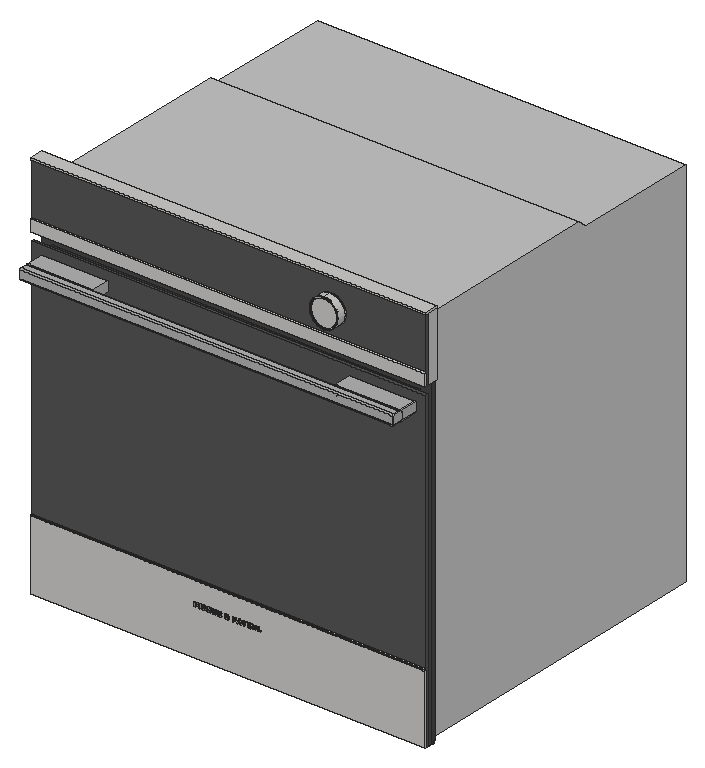
Revit family "FP_Revit_18_OB60SDPTDX1_Oven_90000945A", category Specialty Equipment, Revit 2018
Family settings
  Round Connector Dimension = Use Diameter
  Part Type = Normal
  OmniClass Number = 23.40.40.14.17.11
  OmniClass Title = Cookers, Ovens, Stoves
  Work Plane-Based = No
  Always vertical = Yes
  Cut with Voids When Loaded = Yes
  Shared = No
  Room Calculation Point = No
Parameters
  Visibility - Clearance Required = yes
  URL = "www.fisherpaykel.com"
  Product - Width = 596 mm  # constant formula
  Product - Height = 598 mm  # constant formula
  Product - Depth = 565 mm  # constant formula
  Model = "OB60SDPTDX1"
  Material - Trim = Fisher & Paykel - Stainless Steel
  Material - Structure = Fisher & Paykel - Black
  Material - Handle = Fisher & Paykel - Aluminium
  Material - Glass = Fisher & Paykel - Glass, Black
  Material - Buttons and Dials = Fisher & Paykel - Stainless Steel
  Material - Body = Fisher & Paykel - Grey
  Manufacturer = "Fisher & Paykel Appliances"
  FFL Offset [instance] = 200 mm
  Description = "60cm Built-In Oven"
  Connector Note - Electrical = "230 V, 18.5 A"
  Chassis - Width = 556 mm  # constant formula
  Chassis - Height = 575 mm  # constant formula
  Chassis - Depth = 545 mm  # constant formula
  Cavity - Width = 600 mm  # constant formula
  Cavity - Height = 600 mm  # constant formula
  Cavity - Depth = 550 mm  # constant formula
Reference planes
  plane 1 "Datum": y = 0
  plane 2: z = 0
  plane 3 "Center (Left/Right)": x = 0
  plane 4 "Cavity": z = 780
  plane 5 "Product Height": z = 798
  plane 6 "Product LHS": x = -298
  plane 7 "Product RHS": x = 298
  plane 8 "Cavity LHS": x = -300
  plane 9 "Cavity RHS": x = 300
  plane 10 "Cavity - Depth": y = 550
  plane 11 "Product Depth": y = 545
  plane 12 "Front Face": y = -20
  plane 13 "Dial": x = 154.861
  plane 14 "FFL Offset": z = 200
  plane 15 "Cavity Height": z = 800
Forms (mm)
  Extrusion 1, solid, material "Fisher & Paykel - Grey" <- "Material - Body"
    sketch origin (0, 0, 0) x (0, 1, 0) y (0, 0, 1)
      loop
        line (0, 200) -> (525, 200) -> (525, 393.99) -> (545, 413.99) -> (545, 609.73) -> (495, 659.73) -> (495, 764.6) -> (307.721, 764.6) -> (293.958, 775) -> (0, 775) -> (0, 200)
    from -278 to 278
  Extrusion 2, void
    sketch origin (0, 0, 0) x (1, 0, 0) y (0, 1, 0)
      loop
        line (-278, 495) -> (-229.13, 495) -> (-179.13, 545) -> (-278, 545) -> (-278, 495)
      loop
        line (278, 495) -> (278, 545) -> (94.617, 545) -> (114.617, 525) -> (199.13, 525) -> (229.13, 495) -> (278, 495)
    from 200 to 764.6
  Extrusion 3, solid, material "Fisher & Paykel - Stainless Steel" <- "Material - Trim"
    sketch origin (0, 0, 0) x (0, 1, 0) y (0, 0, 1)
      loop
        line (0, 798) -> (-20.5, 798) -> (-20.5, 795.1) -> (0, 795.1) -> (0, 798)
    from -298 to 298
  Extrusion 4, solid, material "Fisher & Paykel - Grey" <- "Material - Body"
    sketch origin (0, 0, 0) x (0, 1, 0) y (0, 0, 1)
      loop
        line (-16, 795.1) -> (-16, 698) -> (0, 698) -> (0, 795.1) -> (-16, 795.1)
    from -298 to 298
  Extrusion 5, solid, material "Fisher & Paykel - Glass, Black" <- "Material - Glass"
    sketch origin (0, 0, 0) x (1, 0, 0) y (0, 0, 1)
      loop
        line (-298, 685.2) -> (-298, 208.6) -> (298, 208.6) -> (298, 685.2) -> (-298, 685.2)
      loop
        line (-298, 698) -> (298, 698) -> (298, 794.5) -> (-298, 794.5) -> (-298, 698)
    from 16 to 20
  Extrusion 6, solid, material "Fisher & Paykel - Black" <- "Material - Structure"
    sketch origin (0, 0, 0) x (0, 1, 0) y (0, 0, 1)
      loop
        line (-13.8, 683.7) -> (-16, 683.7) -> (-16, 224.7) -> (-5, 224.7) -> (-5, 680.497) -> (-13.8, 683.7)
    from -277 to 277
  Extrusion 7, solid, material "Fisher & Paykel - Black" <- "Material - Structure"
    sketch origin (0, 0, 0) x (1, 0, 0) y (0, 0, 1)
      loop
        line (-295, 698) -> (-295, 209.536)
        arc (-295, 209.536) -> (-292.207, 202.793) -> (-285.464, 200) r 9.536
        line (-285.464, 200) -> (285.5, 200)
        arc (285.5, 200) -> (292.218, 202.782) -> (295, 209.5) r 9.5
        line (295, 209.5) -> (295, 698) -> (-295, 698)
    from 0 to 5
  Sweep 8, solid, material "Fisher & Paykel - Black"
    path origin (-195.035, 0, 0) x (0, 1, 0) y (0, 0, 1)
      loop
        line (478.272, 708.8) -> (498.6, 708.8)
        arc (498.6, 708.8) -> (507.085, 705.285) -> (510.6, 696.8) r 12
        line (510.6, 696.8) -> (510.6, 678.8)
    profile origin (-195.035, 488.436, 708.8) x (0, 0, 1) y (1, 0, 0)
      loop
        line (0, 11) -> (-11, 11) -> (-11, -11) -> (0, -11)
        arc (0, -11) -> (11, 0) -> (0, 11) r 11
  Extrusion 9, solid, material "Fisher & Paykel - Clearance Required", visible <- "Visibility - Clearance Required", detail levels coarse
    sketch origin (0, 0, 0) x (0, 1, 0) y (0, 0, 1)
      loop
        line (-21.6, 227.528) -> (-21.6, 200) -> (0, 200) -> (0, 800) -> (-21.6, 800) -> (-21.6, 685.18)
        arc (-21.6, 685.18) -> (-333.147, 559.899) -> (-479.9, 257.872) r 466.605
        line (-479.9, 257.872) -> (-465.169, 256.897) -> (-467.944, 214.989) -> (-455.498, 214.164) -> (-452.723, 256.073) -> (-21.6, 227.528)
    from -300 to 300
  Extrusion 10, solid, material "Fisher & Paykel - Clearance Required", visible <- "Visibility - Clearance Required", detail levels coarse
    sketch origin (0, 0, 0) x (1, 0, 0) y (0, 1, 0)
      loop
        line (-280, 0) -> (280, 0) -> (280, 550) -> (-280, 550) -> (-280, 0)
    from 200 to 780
  Extrusion 11, void
    sketch origin (0, 0, 0) x (1, 0, 0) y (0, 1, 0)
      loop
        line (-300, -21.6) -> (300, -21.6) -> (300, 0) -> (-300, 0) -> (-300, -21.6)
    from 200 to 800
  Extrusion 12, solid, material "Fisher & Paykel - Stainless Steel" <- "Material - Trim", detail levels medium+fine
    sketch origin (0, -2000, 0) x (0, 1, 0) y (0, 0, 1)
      loop
        line (1980, 316.326) -> (1978.666, 314.661)
        arc (1978.666, 314.661) -> (1978.468, 314.306) -> (1978.4, 313.905) r 1.209
        line (1978.4, 313.905) -> (1978.4, 208.6) -> (1980, 208.6) -> (1980, 316.326)
    from -298 to 298
  Extrusion 13, solid, material "Fisher & Paykel - Stainless Steel" <- "Material - Trim", detail levels fine
    sketch origin (0, 0, 0) x (0, 1, 0) y (0, 0, 1)
      loop
        line (-21.7, 715.525) -> (-21.7, 698) -> (-20, 698) -> (-20, 717.528) -> (-21.7, 715.525)
    from -298 to 298
  Extrusion 14, void
    sketch origin (0, 0, 0) x (1, 0, 0) y (0, 1, 0)
      loop
        line (-280, 550) -> (-280, 0) -> (280, 0) -> (280, 550) -> (-280, 550)
    from 200 to 780
Cuts and joins
  Extrusion 2 cuts Extrusion 1
Lines and regions (mm)
  model lines, style "Fisher & Paykel"
    curve 1: line (217.5, -20, 334.2) -> (-217.5, -20, 334.2)
    curve 2: line (217.5, -20, 617.436) -> (217.5, -20, 334.2)
    curve 3: line (-217.5, -20, 617.436) -> (217.5, -20, 617.436)
    curve 4: line (-217.5, -20, 334.2) -> (-217.5, -20, 617.436)
Text (mm)
  text "Disclaimer:\nWe endeavor to maintain the accuracy of our 3D content.\nHowever, product details are subject to change without notice.\nPlease refer to the product Data Sheets for the most current product information." at (41.04, -568.295, 0), in view "Ref. Level (Plan)"
Dimensions and locks
  equal spacing: plane 6 "Product LHS", plane 3 "Center (Left/Right)", plane 7 "Product RHS"
  "Product - Width": plane 6 "Product LHS" to plane 7 "Product RHS"
  equal spacing: plane 8 "Cavity LHS", plane 3 "Center (Left/Right)", plane 9 "Cavity RHS"
  "Cavity - Width": plane 8 "Cavity LHS" to plane 9 "Cavity RHS"
  "Cavity - Depth": plane 10 "Cavity - Depth" to plane 1 "Datum"
  "Chassis - Depth": plane 11 "Product Depth" to plane 1 "Datum"
  plane 12 "Front Face" to plane 1 "Datum" = 20 mm
  "Product - Depth": plane 11 "Product Depth" to plane 12 "Front Face"
  "Chassis - Width": cut or joined group of Extrusion 1, Extrusion 2 to cut or joined group of Extrusion 1, Extrusion 2
  "FFL Offset": plane 14 "FFL Offset" to level
  "Product - Height": plane 5 "Product Height" to plane 14 "FFL Offset"
  "Cavity - Height": Extrusion 9 to plane 14 "FFL Offset"
  locked: plane 4 "Cavity" to plane 14 "FFL Offset" at 580
  locked: nested 2 to plane 14 "FFL Offset" at 78.956
  locked: Extrusion 5 to plane 14 "FFL Offset" at 8.6
  locked: Extrusion 6 to plane 14 "FFL Offset" at 24.7
  locked: Extrusion 12 to plane 14 "FFL Offset" at 8.6
  "Cavity - Height": plane 15 "Cavity Height" to plane 14 "FFL Offset"
  locked: cut or joined group of Extrusion 1, Extrusion 2 to plane 14 "FFL Offset" at 564.6
  locked: plane 5 "Product Height" to nested 1 at 125.8
  locked: plane 5 "Product Height" to nested 3 at 45.463
  locked: curve 1 to plane 14 "FFL Offset" at 134.2
  locked: curve 3 to plane 14 "FFL Offset" at 417.436
  aligned and locked: level to plane 2
  aligned and locked: plane 8 "Cavity LHS" to Extrusion 9
  aligned and locked: Extrusion 9 to plane 9 "Cavity RHS"
  aligned and locked: plane 13 "Dial" to nested 3
  aligned and locked: Extrusion 1 sketch curve to plane 14 "FFL Offset"
  aligned and locked: Extrusion 1 to Extrusion 2
  aligned and locked: Extrusion 2 to Extrusion 1
  aligned and locked: plane 14 "FFL Offset" to Extrusion 9 sketch curve
  aligned and locked: plane 14 "FFL Offset" to Extrusion 7 sketch curve
  aligned and locked: Extrusion 14 to cut or joined group of Extrusion 1, Extrusion 2
  aligned and locked: plane 4 "Cavity" to Extrusion 14
  aligned and locked: plane 4 "Cavity" to Extrusion 10
  aligned and locked: Extrusion 10 to cut or joined group of Extrusion 1, Extrusion 2
  aligned and locked: Extrusion 11 to cut or joined group of Extrusion 1, Extrusion 2
  aligned and locked: Extrusion 11 to Extrusion 9
  aligned and locked: plane 15 "Cavity Height" to Extrusion 11
Automatic sketch dimensions
  Extrusion 2 sketch curve to plane 11 "Product Depth" = 0 mm  (x2)
  Extrusion 2 sketch curve to plane 6 "Product LHS" = 20 mm
  Extrusion 2 sketch curve to Extrusion 2 sketch curve = 48.87 mm
  Extrusion 2 sketch curve to Extrusion 2 sketch curve = 50 mm  (x3)
  plane 3 "Center (Left/Right)" to Extrusion 2 sketch curve = 94.617 mm
  Extrusion 2 sketch curve to Extrusion 2 sketch curve = 20 mm
  Extrusion 2 sketch curve to plane 11 "Product Depth" = 20 mm
  Extrusion 2 sketch curve to Extrusion 2 sketch curve = 84.513 mm
  Extrusion 2 sketch curve to Extrusion 2 sketch curve = 30 mm
  plane 7 "Product RHS" to Extrusion 2 sketch curve = 20 mm
  Extrusion 3 sketch curve to plane 1 "Datum" = 0 mm
  Extrusion 3 sketch curve to plane 12 "Front Face" = 0.5 mm
  Extrusion 3 sketch curve to plane 5 "Product Height" = 2.9 mm
  plane 5 "Product Height" to Extrusion 3 sketch curve = 0 mm
  Extrusion 4 sketch curve to plane 1 "Datum" = 0 mm
  plane 12 "Front Face" to Extrusion 4 sketch curve = 4 mm
  Extrusion 4 sketch curve to plane 4 "Cavity" = 82 mm
  Extrusion 4 sketch curve to plane 5 "Product Height" = 2.9 mm
  plane 6 "Product LHS" to Extrusion 5 sketch curve = 0 mm  (x2)
  plane 7 "Product RHS" to Extrusion 5 sketch curve = 0 mm  (x2)
  level to Extrusion 5 sketch curve = 208.6 mm
  Extrusion 5 sketch curve to plane 4 "Cavity" = 94.8 mm
  Extrusion 5 sketch curve to Extrusion 5 sketch curve = 12.8 mm
  Extrusion 5 sketch curve to plane 5 "Product Height" = 3.5 mm
  plane 12 "Front Face" to Extrusion 6 sketch curve = 4 mm
  Extrusion 6 sketch curve to Extrusion 6 sketch curve = 2.2 mm
  plane 1 "Datum" to Extrusion 6 sketch curve = 5 mm
  level to Extrusion 6 sketch curve = 224.7 mm
  Extrusion 6 sketch curve to plane 4 "Cavity" = 99.503 mm
  Extrusion 6 sketch curve to Extrusion 6 sketch curve = 3.203 mm
  plane 7 "Product RHS" to curve 2 = 80.5 mm
  curve 4 to plane 6 "Product LHS" = 80.5 mm
  Sweep 8 sketch curve to plane 11 "Product Depth" = 46.4 mm
  Sweep 8 sketch curve to Sweep 8 sketch curve = 12 mm
  Sweep 8 sketch curve to plane 4 "Cavity" = 83.2 mm
  Sweep 8 sketch curve to Sweep 8 sketch curve = 20.328 mm
  Sweep 8 sketch curve to Sweep 8 sketch curve = 18 mm
  Sweep 8 sketch curve to profile plane = 0 mm  (x2)
  Sweep 8 sketch curve to Sweep 8 sketch curve = 11 mm
  Sweep 8 sketch curve to profile plane = 11 mm
  Extrusion 10 sketch curve to plane 10 "Cavity - Depth" = 0 mm
  plane 1 "Datum" to Extrusion 10 sketch curve = 0 mm
  Extrusion 10 sketch curve to plane 6 "Product LHS" = 18 mm
  plane 7 "Product RHS" to Extrusion 10 sketch curve = 18 mm
  plane 1 "Datum" to Extrusion 11 sketch curve = 0 mm
  Extrusion 11 sketch curve to plane 8 "Cavity LHS" = 0 mm
  Extrusion 11 sketch curve to plane 9 "Cavity RHS" = 0 mm
  Extrusion 11 sketch curve to plane 12 "Front Face" = 1.6 mm
  Extrusion 12 sketch curve to plane 12 "Front Face" = 0 mm
  Extrusion 12 sketch curve to plane 12 "Front Face" = 0.391 mm
  Extrusion 12 sketch curve to Extrusion 12 sketch curve = 0.943 mm
  Extrusion 12 sketch curve to Extrusion 12 sketch curve = 1.6 mm
  level to Extrusion 12 sketch curve = 208.6 mm
  Extrusion 12 sketch curve to Extrusion 12 sketch curve = 105.305 mm
  Extrusion 12 sketch curve to Extrusion 12 sketch curve = 1.664 mm
  Extrusion 13 sketch curve to plane 12 "Front Face" = 0 mm
  Extrusion 13 sketch curve to Extrusion 13 sketch curve = 1.7 mm
  Extrusion 13 sketch curve to plane 4 "Cavity" = 82 mm
  Extrusion 13 sketch curve to Extrusion 13 sketch curve = 17.525 mm
  Extrusion 13 sketch curve to Extrusion 13 sketch curve = 2.002 mm
  plane 1 "Datum" to Extrusion 14 sketch curve = 0 mm
  Extrusion 14 sketch curve to plane 10 "Cavity - Depth" = 0 mm
  Extrusion 14 sketch curve to plane 6 "Product LHS" = 18 mm
  plane 7 "Product RHS" to Extrusion 14 sketch curve = 18 mm
  Extrusion 1 sketch curve to plane 1 "Datum" = 0 mm
  Extrusion 1 sketch curve to plane 11 "Product Depth" = 0 mm
  Extrusion 1 sketch curve to plane 4 "Cavity" = 5 mm
  Extrusion 1 sketch curve to plane 11 "Product Depth" = 251.042 mm
  Extrusion 1 sketch curve to Extrusion 1 sketch curve = 13.762 mm
  Extrusion 1 sketch curve to plane 4 "Cavity" = 15.4 mm
  Extrusion 1 sketch curve to plane 11 "Product Depth" = 50 mm
  Extrusion 1 sketch curve to plane 11 "Product Depth" = 20 mm
  plane 14 "FFL Offset" to Extrusion 1 sketch curve = 193.99 mm
  Extrusion 1 sketch curve to Extrusion 1 sketch curve = 20 mm
  Extrusion 1 sketch curve to Extrusion 1 sketch curve = 154.87 mm
  Extrusion 1 sketch curve to Extrusion 1 sketch curve = 50 mm
  Extrusion 9 sketch curve to plane 1 "Datum" = 0 mm
  plane 12 "Front Face" to Extrusion 9 sketch curve = 5.051 mm
  Extrusion 9 sketch curve to plane 12 "Front Face" = 1.6 mm  (x2)
  plane 14 "FFL Offset" to Extrusion 9 sketch curve = 56.073 mm
  Extrusion 9 sketch curve to Extrusion 9 sketch curve = 431.123 mm
  plane 14 "FFL Offset" to Extrusion 9 sketch curve = 14.164 mm
  Extrusion 9 sketch curve to Extrusion 9 sketch curve = 2.775 mm
  plane 14 "FFL Offset" to Extrusion 9 sketch curve = 56.897 mm
  Extrusion 9 sketch curve to Extrusion 9 sketch curve = 12.446 mm
  plane 14 "FFL Offset" to Extrusion 9 sketch curve = 57.872 mm
  Extrusion 9 sketch curve to Extrusion 9 sketch curve = 8.905 mm
  plane 5 "Product Height" to Extrusion 9 sketch curve = 2 mm
  Extrusion 7 sketch curve to plane 6 "Product LHS" = 3 mm
  plane 14 "FFL Offset" to Extrusion 7 sketch curve = 9.536 mm
  plane 7 "Product RHS" to Extrusion 7 sketch curve = 12.5 mm
  plane 7 "Product RHS" to Extrusion 7 sketch curve = 3 mm
  Extrusion 7 sketch curve to plane 4 "Cavity" = 82 mm
Nested families
  nested 1: "F&P Handle Contemporary Square OB60-24" at (0, -20, 664.222), type "Aluminium"
  nested 2: "F&P Logo 100mm" at (0, -21.6, 278.956), type "Chrome", detail levels fine
  nested 3: "F&P Dial OB" at (154.861, -20, 752.537), type "F&P Dial OB"
Connectors
  electrical at (-195.035, 505.1, 678.8), driven by "Connector Note - Electrical"
    settings: on Sweep 8, index 1, voltage 230 V, apparent load 0 VA, apparent load phase1 0 VA, apparent load phase2 0 VA, apparent load phase3 0 VA, power factor 1, load classification "Other", number of poles 1, system type 30, power factor state 1, is connector primary yes, connector utility no, sub classification motor no, connector description "230 V, 18.5 A"
Definition of nested family "F&P Handle Contemporary Square OB60-24"
  Parameters (values of type "Aluminium Dark")
    URL = "www.fisherpaykel.com"
    Material - Handle = none
    Manufacturer = "Fisher & Paykel Appliances"
    Handle - Length = 565 mm
  Types (2): name
    Aluminium
    Aluminium Dark
  Reference planes
    plane 1 "Center (Front/Back)": y = 0
    plane 2: z = 0
    plane 3 "Center (Left/Right)": x = 0
    plane 4 "Product LHS": x = -282.5
    plane 5 "Product RHS": x = 282.5
    plane 6 "LHS Standoff": x = -182.495
    plane 7 "RHS Standoff": x = 182.505
  Forms (mm)
    Extrusion 1, solid, material <- "Material - Handle", detail levels fine
      sketch origin (0, 0, 0) x (0, 1, 0) y (0, 0, 1)
        loop
          arc (-28.701, 7.561) -> (-29.057, 7.868) -> (-29.514, 7.978) r 1
          line (-29.514, 7.978) -> (-40.5, 7.978)
          arc (-40.5, 7.978) -> (-41.561, 7.539) -> (-42, 6.478) r 1.5
          line (-42, 6.478) -> (-42, -6.522)
          arc (-42, -6.522) -> (-41.561, -7.583) -> (-40.5, -8.022) r 1.5
          line (-40.5, -8.022) -> (-29.487, -8.022)
          arc (-29.487, -8.022) -> (-29.029, -7.911) -> (-28.673, -7.602) r 1
          arc (-28.673, -7.602) -> (-26.256, -0.016) -> (-28.701, 7.561) r 13.038
      from -282.5 to 282.5
    Extrusion 2, solid, material <- "Material - Handle", detail levels fine
      sketch origin (0, 0, 0) x (0, 1, 0) y (0, 0, 1)
        loop
          arc (-28.23, 7.062) -> (-26.156, 0.008) -> (-28.198, -7.056) r 13.136
          arc (-28.198, -7.056) -> (-28.21, -7.463) -> (-27.86, -7.67) r 0.4
          line (-27.86, -7.67) -> (0, -7.67) -> (0, 7.678) -> (-27.893, 7.678)
          arc (-27.893, 7.678) -> (-28.244, 7.47) -> (-28.23, 7.062) r 0.4
      from 182.505 to 282.5
    Extrusion 3, solid, material <- "Material - Handle", detail levels fine
      sketch origin (0, 0, 0) x (0, 1, 0) y (0, 0, -1)
        loop
          arc (-28.23, -7.062) -> (-28.244, -7.47) -> (-27.893, -7.678) r 0.4
          line (-27.893, -7.678) -> (0, -7.678) -> (0, 7.67) -> (-27.86, 7.67)
          arc (-27.86, 7.67) -> (-28.21, 7.463) -> (-28.198, 7.056) r 0.4
          arc (-28.198, 7.056) -> (-26.156, -0.008) -> (-28.23, -7.062) r 13.136
      from 182.495 to 282.5
    Sweep 4, void
      path in 3D
        loop
          line (282.5, -29.514, 7.978) -> (282.5, -40.5, 7.978)
          arc (282.5, -40.5, 7.978) -> (282.5, -41.561, 7.539) -> (282.5, -42, 6.478) r 1.5
          line (282.5, -42, 6.478) -> (282.5, -42, -6.522)
          arc (282.5, -42, -6.522) -> (282.5, -41.561, -7.583) -> (282.5, -40.5, -8.022) r 1.5
          line (282.5, -40.5, -8.022) -> (282.5, -29.487, -8.022)
      profile origin (282.5, -35.007, 7.978) x (1, 0, 0) y (0, 0, 1)
        loop
          line (0, 0) -> (-1.3, 0) -> (0, -1.3) -> (0, 0)
    Sweep 5, void
      path in 3D
        loop
          line (-282.5, -29.487, -8.022) -> (-282.5, -40.5, -8.022)
          arc (-282.5, -40.5, -8.022) -> (-282.5, -41.561, -7.583) -> (-282.5, -42, -6.522) r 1.5
          line (-282.5, -42, -6.522) -> (-282.5, -42, 6.478)
          arc (-282.5, -42, 6.478) -> (-282.5, -41.561, 7.539) -> (-282.5, -40.5, 7.978) r 1.5
          line (-282.5, -40.5, 7.978) -> (-282.5, -29.514, 7.978)
      profile origin (-282.5, -35.007, 7.978) x (-1, 0, 0) y (0, 0, 1)
        loop
          line (0, 0) -> (-1.3, 0) -> (0, -1.3) -> (0, 0)
    Extrusion 6, void
      sketch origin (0, 0, 0) x (1, 0, 0) y (0, 0, 1)
        loop
          line (282.5, 7.978) -> (281.2, 7.978) -> (282.5, 6.678) -> (282.5, 7.978)
        loop
          line (282.5, -8.022) -> (282.5, -6.722) -> (281.2, -8.022) -> (282.5, -8.022)
      from 0 to 40
    Extrusion 7, void
      sketch origin (0, 0, 0) x (1, 0, 0) y (0, 0, 1)
        loop
          line (-282.5, 7.978) -> (-282.5, 6.678) -> (-281.2, 7.978) -> (-282.5, 7.978)
        loop
          line (-282.5, -8.022) -> (-281.2, -8.022) -> (-282.5, -6.722) -> (-282.5, -8.022)
      from 0 to 40
    Extrusion 8, solid, material <- "Material - Handle", detail levels coarse+medium
      sketch origin (0, 0, 0) x (1, 0, 0) y (0, 1, 0)
        loop
          line (-282.5, -42) -> (282.5, -42) -> (282.5, 0) -> (182.505, 0) -> (182.505, -26.156) -> (-182.495, -26.156) -> (-182.495, 0) -> (-282.5, 0) -> (-282.5, -42)
      from -8.022 to 7.978
  Cuts and joins
    Sweep 4, Sweep 5, Extrusion 6, Extrusion 7 cuts Extrusion 1
    Extrusion 6 cuts Extrusion 2
    Extrusion 7 cuts Extrusion 3
  Lines and regions (mm)
    sketch lines
      curve 1: line (282.5, -29.514, 7.978) -> (282.5, -40.5, 7.978)
      curve 2: arc (282.5, -42, 6.478) -> (282.5, -41.561, 7.539) -> (282.5, -40.5, 7.978) r 1.5
      curve 3: line (282.5, -42, 6.478) -> (282.5, -42, -6.522)
      curve 4: arc (282.5, -40.5, -8.022) -> (282.5, -41.561, -7.583) -> (282.5, -42, -6.522) r 1.5
      curve 5: line (282.5, -40.5, -8.022) -> (282.5, -29.487, -8.022)
      curve 6: line (-282.5, -40.5, 7.978) -> (-282.5, -29.514, 7.978)
      curve 7: arc (-282.5, -40.5, 7.978) -> (-282.5, -41.561, 7.539) -> (-282.5, -42, 6.478) r 1.5
      curve 8: line (-282.5, -42, -6.522) -> (-282.5, -42, 6.478)
      curve 9: arc (-282.5, -42, -6.522) -> (-282.5, -41.561, -7.583) -> (-282.5, -40.5, -8.022) r 1.5
      curve 10: line (-282.5, -29.487, -8.022) -> (-282.5, -40.5, -8.022)
  Dimensions and locks
    equal spacing: plane 4 "Product LHS", plane 3 "Center (Left/Right)", plane 5 "Product RHS"
    "Handle - Length": plane 4 "Product LHS" to plane 5 "Product RHS"
    locked: plane 4 "Product LHS" to plane 6 "LHS Standoff" at 100.005
    locked: plane 7 "RHS Standoff" to plane 5 "Product RHS" at 99.995
    aligned and locked: level to plane 2
    aligned and locked: Extrusion 1 to plane 5 "Product RHS"
    aligned and locked: plane 4 "Product LHS" to Extrusion 1
    aligned and locked: Extrusion 2 to plane 5 "Product RHS"
    aligned and locked: plane 4 "Product LHS" to Extrusion 3
    aligned and locked: plane 4 "Product LHS" to Extrusion 8 sketch curve
    aligned and locked: Extrusion 8 sketch curve to plane 5 "Product RHS"
    aligned and locked: Extrusion 8 sketch curve to plane 7 "RHS Standoff"
    aligned and locked: plane 6 "LHS Standoff" to Extrusion 8 sketch curve
    aligned and locked: Extrusion 2 to plane 7 "RHS Standoff"
    aligned and locked: plane 6 "LHS Standoff" to Extrusion 3
  Automatic sketch dimensions
    Extrusion 1 sketch curve to level = 6.522 mm
    plane 1 "Center (Front/Back)" to Extrusion 1 sketch curve = 42 mm
    Extrusion 1 sketch curve to Extrusion 1 sketch curve = 1.5 mm  (x2)
    Extrusion 1 sketch curve to level = 0.04 mm
    Extrusion 1 sketch curve to Extrusion 1 sketch curve = 1.206 mm
    level to Extrusion 1 sketch curve = 6.978 mm
    Extrusion 1 sketch curve to Extrusion 1 sketch curve = 10.986 mm
    Extrusion 1 sketch curve to Extrusion 1 sketch curve = 11.013 mm
    Extrusion 1 sketch curve to Extrusion 1 sketch curve = 1 mm
    level to Extrusion 1 sketch curve = 6.478 mm
    Extrusion 1 sketch curve to Extrusion 1 sketch curve = 0 mm
    Extrusion 2 sketch curve to plane 1 "Center (Front/Back)" = 0 mm
    Extrusion 2 sketch curve to level = 7.67 mm
    Extrusion 2 sketch curve to Extrusion 2 sketch curve = 27.86 mm
    level to Extrusion 2 sketch curve = 7.678 mm
    Extrusion 2 sketch curve to Extrusion 2 sketch curve = 0.033 mm
    Extrusion 2 sketch curve to level = 0.022 mm
    Extrusion 2 sketch curve to Extrusion 2 sketch curve = 11.398 mm
    Extrusion 2 sketch curve to Extrusion 2 sketch curve = 0.4 mm  (x2)
    Extrusion 2 sketch curve to Extrusion 2 sketch curve = 0 mm
    Extrusion 3 sketch curve to plane 1 "Center (Front/Back)" = 0 mm
    Extrusion 3 sketch curve to level = 7.67 mm
    Extrusion 3 sketch curve to Extrusion 3 sketch curve = 27.86 mm
    level to Extrusion 3 sketch curve = 7.678 mm
    Extrusion 3 sketch curve to Extrusion 3 sketch curve = 0.033 mm
    Extrusion 3 sketch curve to level = 0.022 mm
    Extrusion 3 sketch curve to Extrusion 3 sketch curve = 11.398 mm
    Extrusion 3 sketch curve to Extrusion 3 sketch curve = 0.4 mm  (x2)
    Extrusion 3 sketch curve to Extrusion 3 sketch curve = 0 mm
    profile plane to Sweep 4 sketch curve = 0 mm
    Sweep 4 sketch curve to profile plane = 0 mm
    Sweep 4 sketch curve to profile plane = 1.3 mm
    profile plane to Sweep 4 sketch curve = 1.3 mm
    Sweep 5 sketch curve to profile plane = 0 mm  (x2)
    profile plane to Sweep 5 sketch curve = 1.3 mm
    Sweep 5 sketch curve to profile plane = 1.3 mm
    plane 5 "Product RHS" to Extrusion 6 sketch curve = 0 mm  (x2)
    Extrusion 6 sketch curve to Extrusion 6 sketch curve = 1.3 mm  (x4)
    Extrusion 6 sketch curve to level = 6.722 mm
    level to Extrusion 6 sketch curve = 6.678 mm
    plane 4 "Product LHS" to Extrusion 7 sketch curve = 0 mm  (x2)
    Extrusion 7 sketch curve to plane 4 "Product LHS" = 1.3 mm  (x2)
    Extrusion 7 sketch curve to level = 8.022 mm
    level to Extrusion 7 sketch curve = 6.678 mm
    Extrusion 7 sketch curve to Extrusion 7 sketch curve = 1.3 mm  (x2)
    plane 1 "Center (Front/Back)" to Extrusion 8 sketch curve = 0 mm  (x2)
    Extrusion 8 sketch curve to Extrusion 8 sketch curve = 26.156 mm
    Extrusion 8 sketch curve to Extrusion 8 sketch curve = 42 mm
Definition of nested family "F&P Logo 100mm"
  Parameters (values of type "Chrome")
    URL = "www.fisherpaykel.com"
    Material - Logo = none
    Manufacturer = "Fisher & Paykel Appliances"
  Types (3): name
    (no name)
    Chrome
    Grey
  Reference planes
    plane 1 "Center (Front/Back)": y = 0
    plane 2: z = 0
    plane 3 "Center (Left/Right)": x = 0
  Forms (mm)
    Extrusion 1, solid, material <- "Material - Logo", detail levels fine
      sketch origin (0, 0, 0) x (1, 0, 0) y (0, 0, 1)
        loop
          line (-50.044, 0) -> (-48.47, 0) -> (-48.47, 2.138) -> (-46.011, 2.138) -> (-46.011, 3.472) -> (-48.47, 3.472) -> (-48.47, 4.712) -> (-45.795, 4.712) -> (-45.795, 6.04) -> (-50.044, 6.04) -> (-50.044, 0)
        loop
          line (-42.804, 6.04) -> (-42.804, 0) -> (-41.23, 0) -> (-41.23, 6.04) -> (-42.804, 6.04)
        loop
          line (-30.724, 6.04) -> (-30.724, 0) -> (-29.151, 0) -> (-29.151, 2.42) -> (-26.839, 2.42) -> (-26.839, 0) -> (-25.265, 0) -> (-25.265, 6.04) -> (-26.839, 6.04) -> (-26.839, 3.748) -> (-29.151, 3.748) -> (-29.151, 6.04) -> (-30.724, 6.04)
        loop
          line (-21.906, 6.04) -> (-21.906, 0) -> (-17.602, 0) -> (-17.602, 1.328) -> (-20.347, 1.328) -> (-20.347, 2.42) -> (-17.838, 2.42) -> (-17.838, 3.748) -> (-20.347, 3.748) -> (-20.347, 4.712) -> (-17.602, 4.712) -> (-17.602, 6.04) -> (-21.906, 6.04)
        loop
          line (45.667, 6.04) -> (45.667, 0) -> (49.956, 0) -> (49.956, 1.328) -> (47.241, 1.328) -> (47.241, 6.04) -> (45.667, 6.04)
        loop
          line (42.431, 6.04) -> (38.112, 6.04) -> (38.112, 0) -> (42.431, 0) -> (42.431, 1.328) -> (39.687, 1.328) -> (39.687, 2.42) -> (42.195, 2.42) -> (42.195, 3.748) -> (39.687, 3.748) -> (39.687, 4.712) -> (42.431, 4.712) -> (42.431, 6.04)
        loop
          line (33.451, 3.148) -> (35.683, 6.04) -> (33.844, 6.04) -> (31.915, 3.542) -> (31.915, 6.04) -> (30.342, 6.04) -> (30.342, 0) -> (31.915, 0) -> (31.915, 2.705) -> (33.903, 0) -> (35.763, 0) -> (33.451, 3.148)
        loop
          line (21.98, 6.04) -> (24.262, 2.42) -> (24.262, 0) -> (25.837, 0) -> (25.837, 2.341) -> (28.119, 6.04) -> (26.446, 6.04) -> (25.099, 3.707) -> (23.753, 6.04) -> (21.98, 6.04)
        loop
          line (18.479, 6.04) -> (16.983, 6.04) -> (14.524, 0) -> (16.069, 0) -> (16.501, 1.112) -> (18.921, 1.112) -> (19.354, 0) -> (20.938, 0) -> (18.479, 6.04)
        loop
          line (18.4, 2.439) -> (17.693, 4.174) -> (17.018, 2.439) -> (18.4, 2.439)
        loop
          line (8.031, 6.04) -> (8.031, 0) -> (9.605, 0) -> (9.605, 1.938) -> (10.599, 1.938)
          arc (10.599, 1.938) -> (12.65, 3.989) -> (10.599, 6.04) r 2.051
          line (10.599, 6.04) -> (8.031, 6.04)
        loop
          line (9.605, 4.712) -> (9.605, 3.197) -> (10.501, 3.197)
          arc (10.501, 3.197) -> (11.259, 3.954) -> (10.501, 4.712) r 0.757
          line (10.501, 4.712) -> (9.605, 4.712)
        loop
          line (-11.783, 6.04) -> (-14.366, 6.04) -> (-14.366, 0) -> (-12.792, 0) -> (-12.792, 1.336) -> (-11.992, 1.336) -> (-10.972, 0) -> (-9.153, 0) -> (-10.694, 1.973)
          arc (-10.694, 1.973) -> (-9.678, 4.424) -> (-11.783, 6.04) r 2.179
        loop
          line (-11.897, 4.712) -> (-12.792, 4.712) -> (-12.792, 3.053) -> (-11.897, 3.053)
          arc (-11.897, 3.053) -> (-11.068, 3.882) -> (-11.897, 4.712) r 0.83
        loop
          line (0.477, 4.712) -> (0.477, 6.153) -> (-3.575, 6.153) -> (-3.575, 4.851) -> (-2.974, 4.112)
          arc (-2.974, 4.112) -> (-3.51, 0.684) -> (-0.045, 0.512) r 2.334
          line (-0.045, 0.512) -> (0.46, -0.109) -> (2.246, -0.109) -> (0.86, 1.594) -> (2.061, 3.324) -> (0.443, 3.324) -> (-0.013, 2.667) -> (-1.677, 4.712) -> (0.477, 4.712)
        loop
          arc (-2.125, 3.068) -> (-2.269, 1.668) -> (-0.868, 1.524) r 0.996
          line (-0.868, 1.524) -> (-2.125, 3.068)
        loop
          line (-35.18, 3.634) -> (-36.516, 3.91)
          arc (-36.516, 3.91) -> (-37.049, 4.443) -> (-36.516, 4.976) r 0.533
          arc (-36.516, 4.976) -> (-35.235, 4.79) -> (-34.059, 4.248) r 4.505
          line (-34.059, 4.248) -> (-34.059, 5.743)
          arc (-34.059, 5.743) -> (-35.549, 6.179) -> (-37.1, 6.109) r 4.726
          arc (-37.1, 6.109) -> (-38.536, 4.335) -> (-37.1, 2.561) r 1.814
          line (-37.1, 2.561) -> (-35.754, 2.282)
          arc (-35.754, 2.282) -> (-35.221, 1.749) -> (-35.754, 1.216) r 0.533
          arc (-35.754, 1.216) -> (-37.035, 1.402) -> (-38.211, 1.945) r 4.505
          line (-38.211, 1.945) -> (-38.211, 0.449)
          arc (-38.211, 0.449) -> (-36.72, 0.013) -> (-35.169, 0.083) r 4.726
          arc (-35.169, 0.083) -> (-33.734, 1.863) -> (-35.18, 3.634) r 1.814
      from 0 to 0.8
  Dimensions and locks
    aligned and locked: level to plane 2
Definition of nested family "F&P Dial OB"
  Parameters (values of type "F&P Dial OB Black")
    URL = "www.fisherpaykel.com"
    Material - Buttons and Dials = none
    Material - Bezel = none
    Manufacturer = "Fisher & Paykel Appliances"
  Types (2): name
    F&P Dial OB
    F&P Dial OB Black
  Reference planes
    plane 1 "Center (Front/Back)": y = 0
    plane 2: z = 0
    plane 3 "Center (Left/Right)": x = 0
  Forms (mm)
    Revolve 1, solid, material <- "Material - Buttons and Dials", detail levels fine
      sketch origin (0, 0, 0) x (0, 1, 0) y (0, 0, 1)
        loop
          line (0, 22) -> (-0.843, 22) -> (-0.843, 16.038) -> (-2.39, 16.038) -> (-2.39, 22) -> (-13.7, 22) -> (-13.7, 21.2) -> (-13.191, 20) -> (-8.9, 20) -> (-8.9, 0) -> (0, 0) -> (0, 22)
        axis (0, 0) -> (-13.7, 0)
      angle from 0 to 360
    Extrusion 2, solid, material <- "Material - Buttons and Dials", detail levels fine
      sketch origin (0, 0, 0) x (1, 0, 0) y (0, 0, 1)
        loop
          circle (0, 0) r 19.45
      from 8.9 to 13.191
    Extrusion 3, solid, material <- "Material - Buttons and Dials", detail levels coarse+medium
      sketch origin (0, 0, 0) x (1, 0, 0) y (0, 0, 1)
        loop
          circle (0, 0) r 22
      from 0 to 13.7
    Extrusion 4, solid, material <- "Material - Bezel", detail levels fine
      sketch origin (0, 0, 0) x (1, 0, 0) y (0, 0, 1)
        loop
          circle (0, 0) r 19.45
        loop
          circle (0, 0) r 20
      from 2.39 to 13.191
  Dimensions and locks
    aligned and locked: level to plane 2
